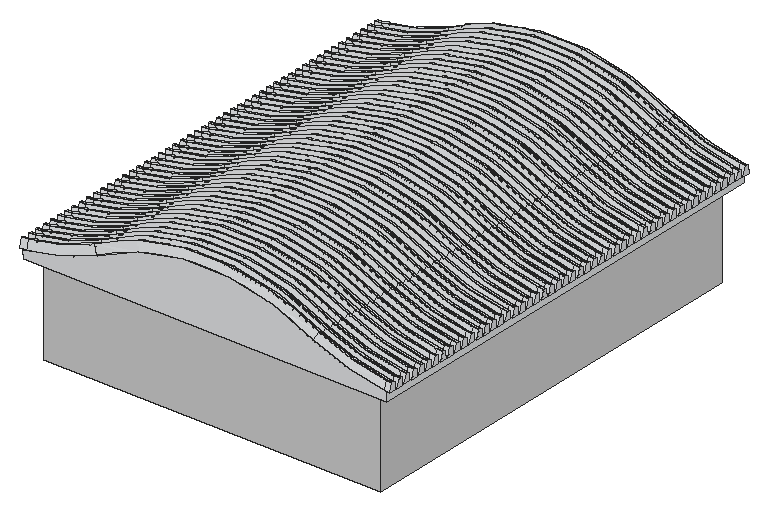
Revit family "Wall_Heaters-QMark-SSARWH_Smart_Series", category Mechanical Equipment, host Face, Revit 2016
Family settings
  Host = Face
  Part Type = Normal
  Round Connector Dimension = Use Diameter
  OmniClass Number = 23.75.70.17.34
  OmniClass Title = Unit Heaters
  Cut with Voids When Loaded = No
  Shared = No
  Room Calculation Point = No
Parameters (values of type "SSARWH4808")
  Width = 1' - 2.416"
  Watts = 1800 W
  Voltage = 208 V
  URL = "http://www.marleymep.com/en/berko/"
  Total Heating Capacity = 0.0 Btu/h
  Surface Mount [instance] = no
  RM [instance] = 1 = 0  # no
  Product Page URL = "https://www.marleymep.com/products/berko/artisan-smartseries-architectural-digital-wall-heater"
  Product Name = "SSAR Smart Series - Wall Heaters"  # constant formula
  Product Documentation Link = "https://www.marleymep.com/system/files/node/file/field-file//zss-bssar.pdf"
  Power Factor = 0
  Phase = 1
  Number of Poles = 1
  Model = "SSARWH4808"
  Material = ""
  Manufacturer = "Marley Engineered Products"  # constant formula
  Height = 1' - 6 1/4"  # constant formula
  Frequency = 60 Hz
  Recessed Dimension [instance] = if(Surface Mount, 0' 0 1/8", if(RM, 0' 3 3/4", if(Semi Recessed Mount 2, 0' 1 13/16", if(Semi Recessed Mount 1, 0' 2 13/16", 0' 0 1/8"))))  # 0' - 2 13/16"
  Description = "Wall Heaters"  # constant formula
  Default Elevation = 4' - 0"
  Clearance On [instance] = yes
  Casing = Metal - Berko - Aluminum Finish
  Semi Recessed Mount 2 [instance] = no
  Semi Recessed Mount 1 [instance] = yes
  Apparent Load = 0 VA
  Amps = 8.7 A
Reference planes (in)
  plane 1 "Center (Front/Back)": y = 0
  plane 2: z = 0
  plane 3 "Center (Left/Right)": x = 0
  plane 4 "Left": x = -7.208
  plane 5 "Right": x = 7.208
  plane 6 "Top": y = 9.125
  plane 7 "Bottom": y = -9.125
  plane 8: z = -2.8125
  plane 9: z = -2.8125
  plane 10: z = 1.0625
Forms (in)
  Extrusion 1, solid, material "Metal - Berko - Aluminum Finish"
    sketch origin (0, 0, 0) x (1, 0, 0) y (0, 1, 0)
      loop
        line (-7.208, 9.125) -> (-7.208, -9.125) -> (7.208, -9.125) -> (7.208, 9.125) -> (-7.208, 9.125)
    from -2.8125 to 1.0625
  Extrusion 2, void
    sketch origin (0, 0, 0) x (1, 0, 0) y (0, 0, 1)
      loop
        line (7.208, 0) -> (-7.208, 0) -> (-7.208, -2.8125) -> (7.208, -2.8125) -> (7.208, 0)
    from -9.125 to 9.125
Lines and regions (in)
  Masking region 1
    outline origin (0, 0, 0) x (1, 0, 0) y (0, 0, 1)
      loop
        line (7.208, 1.0625) -> (-7.208, 1.0625) -> (-7.208, -2.8125) -> (7.208, -2.8125) -> (7.208, 1.0625)
  Masking region 2
    outline origin (0, 0, 0) x (1, 0, 0) y (0, 0, 1)
      loop
        arc (4.83677, 2.63518) -> (0.042, 3.85757) -> (-4.75277, 2.63518) r 10.01479
        arc (-4.75277, 2.63518) -> (-6.16366, 2.11352) -> (-7.6366, 1.80826) r 10.05157
        line (-7.6366, 1.80826) -> (-7.88877, 1.79504) -> (-7.88877, 1.62959) -> (-7.7439, 1.62959) -> (-7.734, 1.0625) -> (7.818, 1.0625) -> (7.8279, 1.62959) -> (7.97277, 1.62959) -> (7.97277, 1.79504) -> (7.7206, 1.80826)
        arc (7.7206, 1.80826) -> (6.24766, 2.11352) -> (4.83677, 2.63518) r 10.05157
  symbolic lines, style "MechanicalEquipmentHiddenLines", visible <- "Clearance On"
    curve 1: line (-15.208, 9.5625, 0) -> (15.208, 9.5625, 0)
    curve 2: line (-15.208, -17.125, 0) -> (-15.208, 9.5625, 0)
    curve 3: line (15.208, -17.125, 0) -> (-15.208, -17.125, 0)
    curve 4: line (15.208, 9.5625, 0) -> (15.208, -17.125, 0)
  model lines, style "GenericModel"
    curve 5: line (2.47795, 9.5625, 2.821) -> (-2.6488, 9.5625, 2.821)
    curve 6: line (2.47795, 9.5625, 1.571) -> (2.47795, 9.5625, 2.821)
    curve 7: line (-2.6488, 9.5625, 1.571) -> (2.47795, 9.5625, 1.571)
    curve 8: line (-2.6488, 9.5625, 2.821) -> (-2.6488, 9.5625, 1.571)
Dimensions and locks (in)
  equal spacing: plane 4 "Left", plane 3 "Center (Left/Right)", plane 5 "Right"
  "Width": plane 4 "Left" to plane 5 "Right"
  equal spacing: plane 6 "Top", plane 1 "Center (Front/Back)", plane 7 "Bottom"
  "Height": plane 6 "Top" to plane 7 "Bottom"
  locked: plane 9 to plane 10 at 3.875
  "Recessed Dimension": plane 9 to plane 2
  locked: curve 2 to plane 4 "Left" at 8
  locked: plane 5 "Right" to curve 4 at 8
  locked: curve 1 to plane 6 "Top" at 0.4375
  locked: plane 7 "Bottom" to curve 3 at 8
  aligned and locked: plane 2 to host face
  aligned and locked: level to host face
  aligned and locked: Extrusion 1 sketch curve to plane 5 "Right"
  aligned and locked: plane 4 "Left" to Extrusion 1 sketch curve
  aligned and locked: Extrusion 1 sketch curve to plane 6 "Top"
  aligned and locked: plane 7 "Bottom" to Extrusion 1 sketch curve
  aligned and locked: plane 9 to plane 8
  aligned and locked: plane 10 to Extrusion 1
  aligned and locked: Extrusion 1 to plane 9
  aligned and locked: Extrusion 2 sketch curve to plane 2
  aligned and locked: plane 4 "Left" to Extrusion 2 sketch curve
  aligned and locked: Extrusion 2 sketch curve to plane 5 "Right"
  aligned and locked: plane 9 to Extrusion 2 sketch curve
  aligned and locked: Extrusion 2 to plane 7 "Bottom"
  aligned and locked: plane 6 "Top" to Extrusion 2
  aligned and locked: plane 4 "Left" to Masking region 1 sketch curve
  aligned and locked: Masking region 1 sketch curve to plane 5 "Right"
  aligned and locked: Masking region 1 sketch curve to plane 10
  aligned and locked: plane 9 to Masking region 1 sketch curve
  aligned and locked: nested 1 to plane 10
Automatic sketch dimensions
  host sketch curve to host sketch curve = 8' - 0"  (x2)
  Masking region 2 sketch curve to plane 10 = 0' - 0"
  Masking region 2 sketch curve to plane 4 "Left" = 0' - 1.72624"
  Masking region 2 sketch curve to Masking region 2 sketch curve = 0' - 0.14487"  (x2)
  Masking region 2 sketch curve to Masking region 2 sketch curve = 0' - 0.1073"  (x2)
  plane 3 "Center (Left/Right)" to Masking region 2 sketch curve = 0' - 0.042"
  plane 5 "Right" to Masking region 2 sketch curve = 0' - 0.5126"
  plane 5 "Right" to Masking region 2 sketch curve = 0' - 1.81024"
  Masking region 2 sketch curve to plane 8 = 0' - 3.34471"
  plane 10 to Masking region 2 sketch curve = 0' - 0.56709"  (x2)
  Masking region 2 sketch curve to Masking region 2 sketch curve = 0' - 0.16545"  (x2)
  Masking region 2 sketch curve to Masking region 2 sketch curve = 0' - 0.17867"  (x2)
  plane 10 to Masking region 2 sketch curve = 0' - 1.57268"
  Masking region 2 sketch curve to plane 4 "Left" = 0' - 0.68077"
  Masking region 2 sketch curve to plane 4 "Left" = 0' - 0.526"
  Masking region 2 sketch curve to Masking region 2 sketch curve = 0' - 0.0099"
  Masking region 2 sketch curve to Masking region 2 sketch curve = 0' - 9.98067"  (x2)
  curve 6 to nested 1 = 0' - 10.21927"
  curve 6 to nested 1 = 0' - 0.5085"
  curve 7 to nested 1 = 0' - 5.0933"
  curve 6 to curve 7 = 0' - 0.08947"
  curve 6 to nested 1 = 0' - 10.24109"
Nested families (in)
  nested 1: "Front Panel SSARWH" at (0.042, -9.5625, 1.0625), type "Front Panel SSARWH"
Connectors (in)
  electrical at (0, 0, -2.8125), driven by "Number of Poles", driven by "Voltage", driven by "Apparent Load", driven by "Power Factor"
    settings: on Extrusion 1, index 1, voltage 208 V, apparent load 0 VA, apparent load phase1 0 VA, apparent load phase2 0 VA, apparent load phase3 0 VA, power factor 0, load classification "HVAC", number of poles 1, system type 31, power factor state 1, is connector primary yes, connector utility no, sub classification motor no, connector description "Power Connection"
Definition of nested family "Front Panel SSARWH"
  Parameters (values of type "Front Panel SSARWH")
    Width = 1' - 3 3/4"  # constant formula
    Knob = none
    Height = 1' - 7 1/8"  # constant formula
    Face Plate = none
  Reference planes (in)
    plane 1 "Center (Front/Back)": y = 0
    plane 2: z = 0
    plane 3 "Center (Left/Right)": x = 0
    plane 4: y = 19.125
  Forms (in)
    Extrusion 1, solid, material <- "Face Plate"
      sketch origin (0, 0, 0) x (1, 0, 0) y (0, 0, 1)
        loop
          line (-7.776, 0) -> (7.776, 0) -> (7.78232, 0.36227)
          arc (7.78232, 0.36227) -> (6.17119, 0.67832) -> (4.62971, 1.24352) r 10.41957
          arc (4.62971, 1.24352) -> (0, 2.42708) -> (-4.62971, 1.24352) r 9.64679
          arc (-4.62971, 1.24352) -> (-6.17119, 0.67832) -> (-7.78232, 0.36227) r 10.41957
          line (-7.78232, 0.36227) -> (-7.776, 0)
      from -19.125 to 0
    Sweep 2, solid, material <- "Face Plate"
      path origin (0, -18.14736, 0) x (1, 0, 0) y (0, 0, 1)
        loop
          line (7.93077, 0.73254) -> (7.6786, 0.74576)
          arc (7.6786, 0.74576) -> (6.20566, 1.05102) -> (4.79477, 1.57268) r 10.05157
          arc (4.79477, 1.57268) -> (0, 2.79507) -> (-4.79477, 1.57268) r 10.01479
          arc (-4.79477, 1.57268) -> (-6.20566, 1.05102) -> (-7.6786, 0.74576) r 10.05157
          line (-7.6786, 0.74576) -> (-7.93077, 0.73254)
      profile origin (0, -18.14736, 2.79507) x (0, 0, -1) y (0, -1, 0)
        loop
          line (0.03163, -18.39926) -> (0.368, -18.42278) -> (0.368, -18.15448) -> (0.00072, -18.25289) -> (0.00072, -18.28391) -> (0.03163, -18.39926)
    Sweep 3, solid, material <- "Face Plate"
      path origin (0, -17.76124, 0) x (1, 0, 0) y (0, 0, 1)
        loop
          line (7.93077, 0.73254) -> (7.6786, 0.74576)
          arc (7.6786, 0.74576) -> (6.20566, 1.05102) -> (4.79477, 1.57268) r 10.05157
          arc (4.79477, 1.57268) -> (0, 2.79507) -> (-4.79477, 1.57268) r 10.01479
          arc (-4.79477, 1.57268) -> (-6.20566, 1.05102) -> (-7.6786, 0.74576) r 10.05157
          line (-7.6786, 0.74576) -> (-7.93077, 0.73254)
      profile origin (0, -17.76124, 2.79507) x (0, 0, -1) y (0, -1, 0)
        loop
          line (0.03163, -18.39926) -> (0.368, -18.42278) -> (0.368, -18.15448) -> (0.00072, -18.25289) -> (0.00072, -18.28391) -> (0.03163, -18.39926)
    Sweep 4, solid, material <- "Face Plate"
      path origin (0, -17.37513, 0) x (1, 0, 0) y (0, 0, 1)
        loop
          line (7.93077, 0.73254) -> (7.6786, 0.74576)
          arc (7.6786, 0.74576) -> (6.20566, 1.05102) -> (4.79477, 1.57268) r 10.05157
          arc (4.79477, 1.57268) -> (0, 2.79507) -> (-4.79477, 1.57268) r 10.01479
          arc (-4.79477, 1.57268) -> (-6.20566, 1.05102) -> (-7.6786, 0.74576) r 10.05157
          line (-7.6786, 0.74576) -> (-7.93077, 0.73254)
      profile origin (0, -17.37513, 2.79507) x (0, 0, -1) y (0, -1, 0)
        loop
          line (0.03163, -18.39926) -> (0.368, -18.42278) -> (0.368, -18.15448) -> (0.00072, -18.25289) -> (0.00072, -18.28391) -> (0.03163, -18.39926)
    Sweep 5, solid, material <- "Face Plate"
      path origin (0, -16.98901, 0) x (1, 0, 0) y (0, 0, 1)
        loop
          line (7.93077, 0.73254) -> (7.6786, 0.74576)
          arc (7.6786, 0.74576) -> (6.20566, 1.05102) -> (4.79477, 1.57268) r 10.05157
          arc (4.79477, 1.57268) -> (0, 2.79507) -> (-4.79477, 1.57268) r 10.01479
          arc (-4.79477, 1.57268) -> (-6.20566, 1.05102) -> (-7.6786, 0.74576) r 10.05157
          line (-7.6786, 0.74576) -> (-7.93077, 0.73254)
      profile origin (0, -16.98901, 2.79507) x (0, 0, -1) y (0, -1, 0)
        loop
          line (0.03163, -18.39926) -> (0.368, -18.42278) -> (0.368, -18.15448) -> (0.00072, -18.25289) -> (0.00072, -18.28391) -> (0.03163, -18.39926)
    Sweep 6, solid, material <- "Face Plate"
      path origin (0, -16.6029, 0) x (1, 0, 0) y (0, 0, 1)
        loop
          line (7.93077, 0.73254) -> (7.6786, 0.74576)
          arc (7.6786, 0.74576) -> (6.20566, 1.05102) -> (4.79477, 1.57268) r 10.05157
          arc (4.79477, 1.57268) -> (0, 2.79507) -> (-4.79477, 1.57268) r 10.01479
          arc (-4.79477, 1.57268) -> (-6.20566, 1.05102) -> (-7.6786, 0.74576) r 10.05157
          line (-7.6786, 0.74576) -> (-7.93077, 0.73254)
      profile origin (0, -16.6029, 2.79507) x (0, 0, -1) y (0, -1, 0)
        loop
          line (0.03163, -18.39926) -> (0.368, -18.42278) -> (0.368, -18.15448) -> (0.00072, -18.25289) -> (0.00072, -18.28391) -> (0.03163, -18.39926)
    Sweep 7, solid, material <- "Face Plate"
      path origin (0, -16.21679, 0) x (1, 0, 0) y (0, 0, 1)
        loop
          line (7.93077, 0.73254) -> (7.6786, 0.74576)
          arc (7.6786, 0.74576) -> (6.20566, 1.05102) -> (4.79477, 1.57268) r 10.05157
          arc (4.79477, 1.57268) -> (0, 2.79507) -> (-4.79477, 1.57268) r 10.01479
          arc (-4.79477, 1.57268) -> (-6.20566, 1.05102) -> (-7.6786, 0.74576) r 10.05157
          line (-7.6786, 0.74576) -> (-7.93077, 0.73254)
      profile origin (0, -16.21679, 2.79507) x (0, 0, -1) y (0, -1, 0)
        loop
          line (0.03163, -18.39926) -> (0.368, -18.42278) -> (0.368, -18.15448) -> (0.00072, -18.25289) -> (0.00072, -18.28391) -> (0.03163, -18.39926)
    Sweep 8, solid, material <- "Face Plate"
      path origin (0, -15.83067, 0) x (1, 0, 0) y (0, 0, 1)
        loop
          line (7.93077, 0.73254) -> (7.6786, 0.74576)
          arc (7.6786, 0.74576) -> (6.20566, 1.05102) -> (4.79477, 1.57268) r 10.05157
          arc (4.79477, 1.57268) -> (0, 2.79507) -> (-4.79477, 1.57268) r 10.01479
          arc (-4.79477, 1.57268) -> (-6.20566, 1.05102) -> (-7.6786, 0.74576) r 10.05157
          line (-7.6786, 0.74576) -> (-7.93077, 0.73254)
      profile origin (0, -15.83067, 2.79507) x (0, 0, -1) y (0, -1, 0)
        loop
          line (0.03163, -18.39926) -> (0.368, -18.42278) -> (0.368, -18.15448) -> (0.00072, -18.25289) -> (0.00072, -18.28391) -> (0.03163, -18.39926)
    Sweep 9, solid, material <- "Face Plate"
      path origin (0, -15.44456, 0) x (1, 0, 0) y (0, 0, 1)
        loop
          line (7.93077, 0.73254) -> (7.6786, 0.74576)
          arc (7.6786, 0.74576) -> (6.20566, 1.05102) -> (4.79477, 1.57268) r 10.05157
          arc (4.79477, 1.57268) -> (0, 2.79507) -> (-4.79477, 1.57268) r 10.01479
          arc (-4.79477, 1.57268) -> (-6.20566, 1.05102) -> (-7.6786, 0.74576) r 10.05157
          line (-7.6786, 0.74576) -> (-7.93077, 0.73254)
      profile origin (0, -15.44456, 2.79507) x (0, 0, -1) y (0, -1, 0)
        loop
          line (0.03163, -18.39926) -> (0.368, -18.42278) -> (0.368, -18.15448) -> (0.00072, -18.25289) -> (0.00072, -18.28391) -> (0.03163, -18.39926)
    Sweep 10, solid, material <- "Face Plate"
      path origin (0, -15.05844, 0) x (1, 0, 0) y (0, 0, 1)
        loop
          line (7.93077, 0.73254) -> (7.6786, 0.74576)
          arc (7.6786, 0.74576) -> (6.20566, 1.05102) -> (4.79477, 1.57268) r 10.05157
          arc (4.79477, 1.57268) -> (0, 2.79507) -> (-4.79477, 1.57268) r 10.01479
          arc (-4.79477, 1.57268) -> (-6.20566, 1.05102) -> (-7.6786, 0.74576) r 10.05157
          line (-7.6786, 0.74576) -> (-7.93077, 0.73254)
      profile origin (0, -15.05844, 2.79507) x (0, 0, -1) y (0, -1, 0)
        loop
          line (0.03163, -18.39926) -> (0.368, -18.42278) -> (0.368, -18.15448) -> (0.00072, -18.25289) -> (0.00072, -18.28391) -> (0.03163, -18.39926)
    Sweep 11, solid, material <- "Face Plate"
      path origin (0, -14.67233, 0) x (1, 0, 0) y (0, 0, 1)
        loop
          line (7.93077, 0.73254) -> (7.6786, 0.74576)
          arc (7.6786, 0.74576) -> (6.20566, 1.05102) -> (4.79477, 1.57268) r 10.05157
          arc (4.79477, 1.57268) -> (0, 2.79507) -> (-4.79477, 1.57268) r 10.01479
          arc (-4.79477, 1.57268) -> (-6.20566, 1.05102) -> (-7.6786, 0.74576) r 10.05157
          line (-7.6786, 0.74576) -> (-7.93077, 0.73254)
      profile origin (0, -14.67233, 2.79507) x (0, 0, -1) y (0, -1, 0)
        loop
          line (0.03163, -18.39926) -> (0.368, -18.42278) -> (0.368, -18.15448) -> (0.00072, -18.25289) -> (0.00072, -18.28391) -> (0.03163, -18.39926)
    Sweep 12, solid, material <- "Face Plate"
      path origin (0, -14.28622, 0) x (1, 0, 0) y (0, 0, 1)
        loop
          line (7.93077, 0.73254) -> (7.6786, 0.74576)
          arc (7.6786, 0.74576) -> (6.20566, 1.05102) -> (4.79477, 1.57268) r 10.05157
          arc (4.79477, 1.57268) -> (0, 2.79507) -> (-4.79477, 1.57268) r 10.01479
          arc (-4.79477, 1.57268) -> (-6.20566, 1.05102) -> (-7.6786, 0.74576) r 10.05157
          line (-7.6786, 0.74576) -> (-7.93077, 0.73254)
      profile origin (0, -14.28622, 2.79507) x (0, 0, -1) y (0, -1, 0)
        loop
          line (0.03163, -18.39926) -> (0.368, -18.42278) -> (0.368, -18.15448) -> (0.00072, -18.25289) -> (0.00072, -18.28391) -> (0.03163, -18.39926)
    Sweep 13, solid, material <- "Face Plate"
      path origin (0, -13.9001, 0) x (1, 0, 0) y (0, 0, 1)
        loop
          line (7.93077, 0.73254) -> (7.6786, 0.74576)
          arc (7.6786, 0.74576) -> (6.20566, 1.05102) -> (4.79477, 1.57268) r 10.05157
          arc (4.79477, 1.57268) -> (0, 2.79507) -> (-4.79477, 1.57268) r 10.01479
          arc (-4.79477, 1.57268) -> (-6.20566, 1.05102) -> (-7.6786, 0.74576) r 10.05157
          line (-7.6786, 0.74576) -> (-7.93077, 0.73254)
      profile origin (0, -13.9001, 2.79507) x (0, 0, -1) y (0, -1, 0)
        loop
          line (0.03163, -18.39926) -> (0.368, -18.42278) -> (0.368, -18.15448) -> (0.00072, -18.25289) -> (0.00072, -18.28391) -> (0.03163, -18.39926)
    Sweep 14, solid, material <- "Face Plate"
      path origin (0, -13.51399, 0) x (1, 0, 0) y (0, 0, 1)
        loop
          line (7.93077, 0.73254) -> (7.6786, 0.74576)
          arc (7.6786, 0.74576) -> (6.20566, 1.05102) -> (4.79477, 1.57268) r 10.05157
          arc (4.79477, 1.57268) -> (0, 2.79507) -> (-4.79477, 1.57268) r 10.01479
          arc (-4.79477, 1.57268) -> (-6.20566, 1.05102) -> (-7.6786, 0.74576) r 10.05157
          line (-7.6786, 0.74576) -> (-7.93077, 0.73254)
      profile origin (0, -13.51399, 2.79507) x (0, 0, -1) y (0, -1, 0)
        loop
          line (0.03163, -18.39926) -> (0.368, -18.42278) -> (0.368, -18.15448) -> (0.00072, -18.25289) -> (0.00072, -18.28391) -> (0.03163, -18.39926)
    Sweep 15, solid, material <- "Face Plate"
      path origin (0, -13.12787, 0) x (1, 0, 0) y (0, 0, 1)
        loop
          line (7.93077, 0.73254) -> (7.6786, 0.74576)
          arc (7.6786, 0.74576) -> (6.20566, 1.05102) -> (4.79477, 1.57268) r 10.05157
          arc (4.79477, 1.57268) -> (0, 2.79507) -> (-4.79477, 1.57268) r 10.01479
          arc (-4.79477, 1.57268) -> (-6.20566, 1.05102) -> (-7.6786, 0.74576) r 10.05157
          line (-7.6786, 0.74576) -> (-7.93077, 0.73254)
      profile origin (0, -13.12787, 2.79507) x (0, 0, -1) y (0, -1, 0)
        loop
          line (0.03163, -18.39926) -> (0.368, -18.42278) -> (0.368, -18.15448) -> (0.00072, -18.25289) -> (0.00072, -18.28391) -> (0.03163, -18.39926)
    Sweep 16, solid, material <- "Face Plate"
      path origin (0, -12.74176, 0) x (1, 0, 0) y (0, 0, 1)
        loop
          line (7.93077, 0.73254) -> (7.6786, 0.74576)
          arc (7.6786, 0.74576) -> (6.20566, 1.05102) -> (4.79477, 1.57268) r 10.05157
          arc (4.79477, 1.57268) -> (0, 2.79507) -> (-4.79477, 1.57268) r 10.01479
          arc (-4.79477, 1.57268) -> (-6.20566, 1.05102) -> (-7.6786, 0.74576) r 10.05157
          line (-7.6786, 0.74576) -> (-7.93077, 0.73254)
      profile origin (0, -12.74176, 2.79507) x (0, 0, -1) y (0, -1, 0)
        loop
          line (0.03163, -18.39926) -> (0.368, -18.42278) -> (0.368, -18.15448) -> (0.00072, -18.25289) -> (0.00072, -18.28391) -> (0.03163, -18.39926)
    Sweep 17, solid, material <- "Face Plate"
      path origin (0, -12.35565, 0) x (1, 0, 0) y (0, 0, 1)
        loop
          line (7.93077, 0.73254) -> (7.6786, 0.74576)
          arc (7.6786, 0.74576) -> (6.20566, 1.05102) -> (4.79477, 1.57268) r 10.05157
          arc (4.79477, 1.57268) -> (0, 2.79507) -> (-4.79477, 1.57268) r 10.01479
          arc (-4.79477, 1.57268) -> (-6.20566, 1.05102) -> (-7.6786, 0.74576) r 10.05157
          line (-7.6786, 0.74576) -> (-7.93077, 0.73254)
      profile origin (0, -12.35565, 2.79507) x (0, 0, -1) y (0, -1, 0)
        loop
          line (0.03163, -18.39926) -> (0.368, -18.42278) -> (0.368, -18.15448) -> (0.00072, -18.25289) -> (0.00072, -18.28391) -> (0.03163, -18.39926)
    Sweep 18, solid, material <- "Face Plate"
      path origin (0, -11.96953, 0) x (1, 0, 0) y (0, 0, 1)
        loop
          line (7.93077, 0.73254) -> (7.6786, 0.74576)
          arc (7.6786, 0.74576) -> (6.20566, 1.05102) -> (4.79477, 1.57268) r 10.05157
          arc (4.79477, 1.57268) -> (0, 2.79507) -> (-4.79477, 1.57268) r 10.01479
          arc (-4.79477, 1.57268) -> (-6.20566, 1.05102) -> (-7.6786, 0.74576) r 10.05157
          line (-7.6786, 0.74576) -> (-7.93077, 0.73254)
      profile origin (0, -11.96953, 2.79507) x (0, 0, -1) y (0, -1, 0)
        loop
          line (0.03163, -18.39926) -> (0.368, -18.42278) -> (0.368, -18.15448) -> (0.00072, -18.25289) -> (0.00072, -18.28391) -> (0.03163, -18.39926)
    Sweep 19, solid, material <- "Face Plate"
      path origin (0, -11.58342, 0) x (1, 0, 0) y (0, 0, 1)
        loop
          line (7.93077, 0.73254) -> (7.6786, 0.74576)
          arc (7.6786, 0.74576) -> (6.20566, 1.05102) -> (4.79477, 1.57268) r 10.05157
          arc (4.79477, 1.57268) -> (0, 2.79507) -> (-4.79477, 1.57268) r 10.01479
          arc (-4.79477, 1.57268) -> (-6.20566, 1.05102) -> (-7.6786, 0.74576) r 10.05157
          line (-7.6786, 0.74576) -> (-7.93077, 0.73254)
      profile origin (0, -11.58342, 2.79507) x (0, 0, -1) y (0, -1, 0)
        loop
          line (0.03163, -18.39926) -> (0.368, -18.42278) -> (0.368, -18.15448) -> (0.00072, -18.25289) -> (0.00072, -18.28391) -> (0.03163, -18.39926)
    Sweep 20, solid, material <- "Face Plate"
      path origin (0, -11.1973, 0) x (1, 0, 0) y (0, 0, 1)
        loop
          line (7.93077, 0.73254) -> (7.6786, 0.74576)
          arc (7.6786, 0.74576) -> (6.20566, 1.05102) -> (4.79477, 1.57268) r 10.05157
          arc (4.79477, 1.57268) -> (0, 2.79507) -> (-4.79477, 1.57268) r 10.01479
          arc (-4.79477, 1.57268) -> (-6.20566, 1.05102) -> (-7.6786, 0.74576) r 10.05157
          line (-7.6786, 0.74576) -> (-7.93077, 0.73254)
      profile origin (0, -11.1973, 2.79507) x (0, 0, -1) y (0, -1, 0)
        loop
          line (0.03163, -18.39926) -> (0.368, -18.42278) -> (0.368, -18.15448) -> (0.00072, -18.25289) -> (0.00072, -18.28391) -> (0.03163, -18.39926)
    Sweep 21, solid, material <- "Face Plate"
      path origin (0, -10.81119, 0) x (1, 0, 0) y (0, 0, 1)
        loop
          line (7.93077, 0.73254) -> (7.6786, 0.74576)
          arc (7.6786, 0.74576) -> (6.20566, 1.05102) -> (4.79477, 1.57268) r 10.05157
          arc (4.79477, 1.57268) -> (0, 2.79507) -> (-4.79477, 1.57268) r 10.01479
          arc (-4.79477, 1.57268) -> (-6.20566, 1.05102) -> (-7.6786, 0.74576) r 10.05157
          line (-7.6786, 0.74576) -> (-7.93077, 0.73254)
      profile origin (0, -10.81119, 2.79507) x (0, 0, -1) y (0, -1, 0)
        loop
          line (0.03163, -18.39926) -> (0.368, -18.42278) -> (0.368, -18.15448) -> (0.00072, -18.25289) -> (0.00072, -18.28391) -> (0.03163, -18.39926)
    Sweep 22, solid, material <- "Face Plate"
      path origin (0, -10.42508, 0) x (1, 0, 0) y (0, 0, 1)
        loop
          line (7.93077, 0.73254) -> (7.6786, 0.74576)
          arc (7.6786, 0.74576) -> (6.20566, 1.05102) -> (4.79477, 1.57268) r 10.05157
          arc (4.79477, 1.57268) -> (0, 2.79507) -> (-4.79477, 1.57268) r 10.01479
          arc (-4.79477, 1.57268) -> (-6.20566, 1.05102) -> (-7.6786, 0.74576) r 10.05157
          line (-7.6786, 0.74576) -> (-7.93077, 0.73254)
      profile origin (0, -10.42508, 2.79507) x (0, 0, -1) y (0, -1, 0)
        loop
          line (0.03163, -18.39926) -> (0.368, -18.42278) -> (0.368, -18.15448) -> (0.00072, -18.25289) -> (0.00072, -18.28391) -> (0.03163, -18.39926)
    Sweep 23, solid, material <- "Face Plate"
      path origin (0, -10.03896, 0) x (1, 0, 0) y (0, 0, 1)
        loop
          line (7.93077, 0.73254) -> (7.6786, 0.74576)
          arc (7.6786, 0.74576) -> (6.20566, 1.05102) -> (4.79477, 1.57268) r 10.05157
          arc (4.79477, 1.57268) -> (0, 2.79507) -> (-4.79477, 1.57268) r 10.01479
          arc (-4.79477, 1.57268) -> (-6.20566, 1.05102) -> (-7.6786, 0.74576) r 10.05157
          line (-7.6786, 0.74576) -> (-7.93077, 0.73254)
      profile origin (0, -10.03896, 2.79507) x (0, 0, -1) y (0, -1, 0)
        loop
          line (0.03163, -18.39926) -> (0.368, -18.42278) -> (0.368, -18.15448) -> (0.00072, -18.25289) -> (0.00072, -18.28391) -> (0.03163, -18.39926)
    Sweep 24, solid, material <- "Face Plate"
      path origin (0, -9.65285, 0) x (1, 0, 0) y (0, 0, 1)
        loop
          line (7.93077, 0.73254) -> (7.6786, 0.74576)
          arc (7.6786, 0.74576) -> (6.20566, 1.05102) -> (4.79477, 1.57268) r 10.05157
          arc (4.79477, 1.57268) -> (0, 2.79507) -> (-4.79477, 1.57268) r 10.01479
          arc (-4.79477, 1.57268) -> (-6.20566, 1.05102) -> (-7.6786, 0.74576) r 10.05157
          line (-7.6786, 0.74576) -> (-7.93077, 0.73254)
      profile origin (0, -9.65285, 2.79507) x (0, 0, -1) y (0, -1, 0)
        loop
          line (0.03163, -18.39926) -> (0.368, -18.42278) -> (0.368, -18.15448) -> (0.00072, -18.25289) -> (0.00072, -18.28391) -> (0.03163, -18.39926)
    Sweep 25, solid, material <- "Face Plate"
      path origin (0, -9.26673, 0) x (1, 0, 0) y (0, 0, 1)
        loop
          line (7.93077, 0.73254) -> (7.6786, 0.74576)
          arc (7.6786, 0.74576) -> (6.20566, 1.05102) -> (4.79477, 1.57268) r 10.05157
          arc (4.79477, 1.57268) -> (0, 2.79507) -> (-4.79477, 1.57268) r 10.01479
          arc (-4.79477, 1.57268) -> (-6.20566, 1.05102) -> (-7.6786, 0.74576) r 10.05157
          line (-7.6786, 0.74576) -> (-7.93077, 0.73254)
      profile origin (0, -9.26673, 2.79507) x (0, 0, -1) y (0, -1, 0)
        loop
          line (0.03163, -18.39926) -> (0.368, -18.42278) -> (0.368, -18.15448) -> (0.00072, -18.25289) -> (0.00072, -18.28391) -> (0.03163, -18.39926)
    Sweep 26, solid, material <- "Face Plate"
      path origin (0, -8.88062, 0) x (1, 0, 0) y (0, 0, 1)
        loop
          line (7.93077, 0.73254) -> (7.6786, 0.74576)
          arc (7.6786, 0.74576) -> (6.20566, 1.05102) -> (4.79477, 1.57268) r 10.05157
          arc (4.79477, 1.57268) -> (0, 2.79507) -> (-4.79477, 1.57268) r 10.01479
          arc (-4.79477, 1.57268) -> (-6.20566, 1.05102) -> (-7.6786, 0.74576) r 10.05157
          line (-7.6786, 0.74576) -> (-7.93077, 0.73254)
      profile origin (0, -8.88062, 2.79507) x (0, 0, -1) y (0, -1, 0)
        loop
          line (0.03163, -18.39926) -> (0.368, -18.42278) -> (0.368, -18.15448) -> (0.00072, -18.25289) -> (0.00072, -18.28391) -> (0.03163, -18.39926)
    Sweep 27, solid, material <- "Face Plate"
      path origin (0, -8.49451, 0) x (1, 0, 0) y (0, 0, 1)
        loop
          line (7.93077, 0.73254) -> (7.6786, 0.74576)
          arc (7.6786, 0.74576) -> (6.20566, 1.05102) -> (4.79477, 1.57268) r 10.05157
          arc (4.79477, 1.57268) -> (0, 2.79507) -> (-4.79477, 1.57268) r 10.01479
          arc (-4.79477, 1.57268) -> (-6.20566, 1.05102) -> (-7.6786, 0.74576) r 10.05157
          line (-7.6786, 0.74576) -> (-7.93077, 0.73254)
      profile origin (0, -8.49451, 2.79507) x (0, 0, -1) y (0, -1, 0)
        loop
          line (0.03163, -18.39926) -> (0.368, -18.42278) -> (0.368, -18.15448) -> (0.00072, -18.25289) -> (0.00072, -18.28391) -> (0.03163, -18.39926)
    Sweep 28, solid, material <- "Face Plate"
      path origin (0, -8.10839, 0) x (1, 0, 0) y (0, 0, 1)
        loop
          line (7.93077, 0.73254) -> (7.6786, 0.74576)
          arc (7.6786, 0.74576) -> (6.20566, 1.05102) -> (4.79477, 1.57268) r 10.05157
          arc (4.79477, 1.57268) -> (0, 2.79507) -> (-4.79477, 1.57268) r 10.01479
          arc (-4.79477, 1.57268) -> (-6.20566, 1.05102) -> (-7.6786, 0.74576) r 10.05157
          line (-7.6786, 0.74576) -> (-7.93077, 0.73254)
      profile origin (0, -8.10839, 2.79507) x (0, 0, -1) y (0, -1, 0)
        loop
          line (0.03163, -18.39926) -> (0.368, -18.42278) -> (0.368, -18.15448) -> (0.00072, -18.25289) -> (0.00072, -18.28391) -> (0.03163, -18.39926)
    Sweep 29, solid, material <- "Face Plate"
      path origin (0, -7.72228, 0) x (1, 0, 0) y (0, 0, 1)
        loop
          line (7.93077, 0.73254) -> (7.6786, 0.74576)
          arc (7.6786, 0.74576) -> (6.20566, 1.05102) -> (4.79477, 1.57268) r 10.05157
          arc (4.79477, 1.57268) -> (0, 2.79507) -> (-4.79477, 1.57268) r 10.01479
          arc (-4.79477, 1.57268) -> (-6.20566, 1.05102) -> (-7.6786, 0.74576) r 10.05157
          line (-7.6786, 0.74576) -> (-7.93077, 0.73254)
      profile origin (0, -7.72228, 2.79507) x (0, 0, -1) y (0, -1, 0)
        loop
          line (0.03163, -18.39926) -> (0.368, -18.42278) -> (0.368, -18.15448) -> (0.00072, -18.25289) -> (0.00072, -18.28391) -> (0.03163, -18.39926)
    Sweep 30, solid, material <- "Face Plate"
      path origin (0, -7.33616, 0) x (1, 0, 0) y (0, 0, 1)
        loop
          line (7.93077, 0.73254) -> (7.6786, 0.74576)
          arc (7.6786, 0.74576) -> (6.20566, 1.05102) -> (4.79477, 1.57268) r 10.05157
          arc (4.79477, 1.57268) -> (0, 2.79507) -> (-4.79477, 1.57268) r 10.01479
          arc (-4.79477, 1.57268) -> (-6.20566, 1.05102) -> (-7.6786, 0.74576) r 10.05157
          line (-7.6786, 0.74576) -> (-7.93077, 0.73254)
      profile origin (0, -7.33616, 2.79507) x (0, 0, -1) y (0, -1, 0)
        loop
          line (0.03163, -18.39926) -> (0.368, -18.42278) -> (0.368, -18.15448) -> (0.00072, -18.25289) -> (0.00072, -18.28391) -> (0.03163, -18.39926)
    Sweep 31, solid, material <- "Face Plate"
      path origin (0, -6.95005, 0) x (1, 0, 0) y (0, 0, 1)
        loop
          line (7.93077, 0.73254) -> (7.6786, 0.74576)
          arc (7.6786, 0.74576) -> (6.20566, 1.05102) -> (4.79477, 1.57268) r 10.05157
          arc (4.79477, 1.57268) -> (0, 2.79507) -> (-4.79477, 1.57268) r 10.01479
          arc (-4.79477, 1.57268) -> (-6.20566, 1.05102) -> (-7.6786, 0.74576) r 10.05157
          line (-7.6786, 0.74576) -> (-7.93077, 0.73254)
      profile origin (0, -6.95005, 2.79507) x (0, 0, -1) y (0, -1, 0)
        loop
          line (0.03163, -18.39926) -> (0.368, -18.42278) -> (0.368, -18.15448) -> (0.00072, -18.25289) -> (0.00072, -18.28391) -> (0.03163, -18.39926)
    Sweep 32, solid, material <- "Face Plate"
      path origin (0, -6.56394, 0) x (1, 0, 0) y (0, 0, 1)
        loop
          line (7.93077, 0.73254) -> (7.6786, 0.74576)
          arc (7.6786, 0.74576) -> (6.20566, 1.05102) -> (4.79477, 1.57268) r 10.05157
          arc (4.79477, 1.57268) -> (0, 2.79507) -> (-4.79477, 1.57268) r 10.01479
          arc (-4.79477, 1.57268) -> (-6.20566, 1.05102) -> (-7.6786, 0.74576) r 10.05157
          line (-7.6786, 0.74576) -> (-7.93077, 0.73254)
      profile origin (0, -6.56394, 2.79507) x (0, 0, -1) y (0, -1, 0)
        loop
          line (0.03163, -18.39926) -> (0.368, -18.42278) -> (0.368, -18.15448) -> (0.00072, -18.25289) -> (0.00072, -18.28391) -> (0.03163, -18.39926)
    Sweep 33, solid, material <- "Face Plate"
      path origin (0, -6.17782, 0) x (1, 0, 0) y (0, 0, 1)
        loop
          line (7.93077, 0.73254) -> (7.6786, 0.74576)
          arc (7.6786, 0.74576) -> (6.20566, 1.05102) -> (4.79477, 1.57268) r 10.05157
          arc (4.79477, 1.57268) -> (0, 2.79507) -> (-4.79477, 1.57268) r 10.01479
          arc (-4.79477, 1.57268) -> (-6.20566, 1.05102) -> (-7.6786, 0.74576) r 10.05157
          line (-7.6786, 0.74576) -> (-7.93077, 0.73254)
      profile origin (0, -6.17782, 2.79507) x (0, 0, -1) y (0, -1, 0)
        loop
          line (0.03163, -18.39926) -> (0.368, -18.42278) -> (0.368, -18.15448) -> (0.00072, -18.25289) -> (0.00072, -18.28391) -> (0.03163, -18.39926)
    Sweep 34, solid, material <- "Face Plate"
      path origin (0, -5.79171, 0) x (1, 0, 0) y (0, 0, 1)
        loop
          line (7.93077, 0.73254) -> (7.6786, 0.74576)
          arc (7.6786, 0.74576) -> (6.20566, 1.05102) -> (4.79477, 1.57268) r 10.05157
          arc (4.79477, 1.57268) -> (0, 2.79507) -> (-4.79477, 1.57268) r 10.01479
          arc (-4.79477, 1.57268) -> (-6.20566, 1.05102) -> (-7.6786, 0.74576) r 10.05157
          line (-7.6786, 0.74576) -> (-7.93077, 0.73254)
      profile origin (0, -5.79171, 2.79507) x (0, 0, -1) y (0, -1, 0)
        loop
          line (0.03163, -18.39926) -> (0.368, -18.42278) -> (0.368, -18.15448) -> (0.00072, -18.25289) -> (0.00072, -18.28391) -> (0.03163, -18.39926)
    Sweep 35, solid, material <- "Face Plate"
      path origin (0, -5.4056, 0) x (1, 0, 0) y (0, 0, 1)
        loop
          line (7.93077, 0.73254) -> (7.6786, 0.74576)
          arc (7.6786, 0.74576) -> (6.20566, 1.05102) -> (4.79477, 1.57268) r 10.05157
          arc (4.79477, 1.57268) -> (0, 2.79507) -> (-4.79477, 1.57268) r 10.01479
          arc (-4.79477, 1.57268) -> (-6.20566, 1.05102) -> (-7.6786, 0.74576) r 10.05157
          line (-7.6786, 0.74576) -> (-7.93077, 0.73254)
      profile origin (0, -5.4056, 2.79507) x (0, 0, -1) y (0, -1, 0)
        loop
          line (0.03163, -18.39926) -> (0.368, -18.42278) -> (0.368, -18.15448) -> (0.00072, -18.25289) -> (0.00072, -18.28391) -> (0.03163, -18.39926)
    Sweep 36, solid, material <- "Face Plate"
      path origin (0, -5.01948, 0) x (1, 0, 0) y (0, 0, 1)
        loop
          line (7.93077, 0.73254) -> (7.6786, 0.74576)
          arc (7.6786, 0.74576) -> (6.20566, 1.05102) -> (4.79477, 1.57268) r 10.05157
          arc (4.79477, 1.57268) -> (0, 2.79507) -> (-4.79477, 1.57268) r 10.01479
          arc (-4.79477, 1.57268) -> (-6.20566, 1.05102) -> (-7.6786, 0.74576) r 10.05157
          line (-7.6786, 0.74576) -> (-7.93077, 0.73254)
      profile origin (0, -5.01948, 2.79507) x (0, 0, -1) y (0, -1, 0)
        loop
          line (0.03163, -18.39926) -> (0.368, -18.42278) -> (0.368, -18.15448) -> (0.00072, -18.25289) -> (0.00072, -18.28391) -> (0.03163, -18.39926)
    Sweep 37, solid, material <- "Face Plate"
      path origin (0, -4.63337, 0) x (1, 0, 0) y (0, 0, 1)
        loop
          line (7.93077, 0.73254) -> (7.6786, 0.74576)
          arc (7.6786, 0.74576) -> (6.20566, 1.05102) -> (4.79477, 1.57268) r 10.05157
          arc (4.79477, 1.57268) -> (0, 2.79507) -> (-4.79477, 1.57268) r 10.01479
          arc (-4.79477, 1.57268) -> (-6.20566, 1.05102) -> (-7.6786, 0.74576) r 10.05157
          line (-7.6786, 0.74576) -> (-7.93077, 0.73254)
      profile origin (0, -4.63337, 2.79507) x (0, 0, -1) y (0, -1, 0)
        loop
          line (0.03163, -18.39926) -> (0.368, -18.42278) -> (0.368, -18.15448) -> (0.00072, -18.25289) -> (0.00072, -18.28391) -> (0.03163, -18.39926)
    Sweep 38, solid, material <- "Face Plate"
      path origin (0, -4.24725, 0) x (1, 0, 0) y (0, 0, 1)
        loop
          line (7.93077, 0.73254) -> (7.6786, 0.74576)
          arc (7.6786, 0.74576) -> (6.20566, 1.05102) -> (4.79477, 1.57268) r 10.05157
          arc (4.79477, 1.57268) -> (0, 2.79507) -> (-4.79477, 1.57268) r 10.01479
          arc (-4.79477, 1.57268) -> (-6.20566, 1.05102) -> (-7.6786, 0.74576) r 10.05157
          line (-7.6786, 0.74576) -> (-7.93077, 0.73254)
      profile origin (0, -4.24725, 2.79507) x (0, 0, -1) y (0, -1, 0)
        loop
          line (0.03163, -18.39926) -> (0.368, -18.42278) -> (0.368, -18.15448) -> (0.00072, -18.25289) -> (0.00072, -18.28391) -> (0.03163, -18.39926)
    Sweep 39, solid, material <- "Face Plate"
      path origin (0, -3.86114, 0) x (1, 0, 0) y (0, 0, 1)
        loop
          line (7.93077, 0.73254) -> (7.6786, 0.74576)
          arc (7.6786, 0.74576) -> (6.20566, 1.05102) -> (4.79477, 1.57268) r 10.05157
          arc (4.79477, 1.57268) -> (0, 2.79507) -> (-4.79477, 1.57268) r 10.01479
          arc (-4.79477, 1.57268) -> (-6.20566, 1.05102) -> (-7.6786, 0.74576) r 10.05157
          line (-7.6786, 0.74576) -> (-7.93077, 0.73254)
      profile origin (0, -3.86114, 2.79507) x (0, 0, -1) y (0, -1, 0)
        loop
          line (0.03163, -18.39926) -> (0.368, -18.42278) -> (0.368, -18.15448) -> (0.00072, -18.25289) -> (0.00072, -18.28391) -> (0.03163, -18.39926)
    Sweep 40, solid, material <- "Face Plate"
      path origin (0, -3.47503, 0) x (1, 0, 0) y (0, 0, 1)
        loop
          line (7.93077, 0.73254) -> (7.6786, 0.74576)
          arc (7.6786, 0.74576) -> (6.20566, 1.05102) -> (4.79477, 1.57268) r 10.05157
          arc (4.79477, 1.57268) -> (0, 2.79507) -> (-4.79477, 1.57268) r 10.01479
          arc (-4.79477, 1.57268) -> (-6.20566, 1.05102) -> (-7.6786, 0.74576) r 10.05157
          line (-7.6786, 0.74576) -> (-7.93077, 0.73254)
      profile origin (0, -3.47503, 2.79507) x (0, 0, -1) y (0, -1, 0)
        loop
          line (0.03163, -18.39926) -> (0.368, -18.42278) -> (0.368, -18.15448) -> (0.00072, -18.25289) -> (0.00072, -18.28391) -> (0.03163, -18.39926)
    Sweep 41, solid, material <- "Face Plate"
      path origin (0, -3.08891, 0) x (1, 0, 0) y (0, 0, 1)
        loop
          line (7.93077, 0.73254) -> (7.6786, 0.74576)
          arc (7.6786, 0.74576) -> (6.20566, 1.05102) -> (4.79477, 1.57268) r 10.05157
          arc (4.79477, 1.57268) -> (0, 2.79507) -> (-4.79477, 1.57268) r 10.01479
          arc (-4.79477, 1.57268) -> (-6.20566, 1.05102) -> (-7.6786, 0.74576) r 10.05157
          line (-7.6786, 0.74576) -> (-7.93077, 0.73254)
      profile origin (0, -3.08891, 2.79507) x (0, 0, -1) y (0, -1, 0)
        loop
          line (0.03163, -18.39926) -> (0.368, -18.42278) -> (0.368, -18.15448) -> (0.00072, -18.25289) -> (0.00072, -18.28391) -> (0.03163, -18.39926)
    Sweep 42, solid, material <- "Face Plate"
      path origin (0, -2.7028, 0) x (1, 0, 0) y (0, 0, 1)
        loop
          line (7.93077, 0.73254) -> (7.6786, 0.74576)
          arc (7.6786, 0.74576) -> (6.20566, 1.05102) -> (4.79477, 1.57268) r 10.05157
          arc (4.79477, 1.57268) -> (0, 2.79507) -> (-4.79477, 1.57268) r 10.01479
          arc (-4.79477, 1.57268) -> (-6.20566, 1.05102) -> (-7.6786, 0.74576) r 10.05157
          line (-7.6786, 0.74576) -> (-7.93077, 0.73254)
      profile origin (0, -2.7028, 2.79507) x (0, 0, -1) y (0, -1, 0)
        loop
          line (0.03163, -18.39926) -> (0.368, -18.42278) -> (0.368, -18.15448) -> (0.00072, -18.25289) -> (0.00072, -18.28391) -> (0.03163, -18.39926)
    Sweep 43, solid, material <- "Face Plate"
      path origin (0, -2.31668, 0) x (1, 0, 0) y (0, 0, 1)
        loop
          line (7.93077, 0.73254) -> (7.6786, 0.74576)
          arc (7.6786, 0.74576) -> (6.20566, 1.05102) -> (4.79477, 1.57268) r 10.05157
          arc (4.79477, 1.57268) -> (0, 2.79507) -> (-4.79477, 1.57268) r 10.01479
          arc (-4.79477, 1.57268) -> (-6.20566, 1.05102) -> (-7.6786, 0.74576) r 10.05157
          line (-7.6786, 0.74576) -> (-7.93077, 0.73254)
      profile origin (0, -2.31668, 2.79507) x (0, 0, -1) y (0, -1, 0)
        loop
          line (0.03163, -18.39926) -> (0.368, -18.42278) -> (0.368, -18.15448) -> (0.00072, -18.25289) -> (0.00072, -18.28391) -> (0.03163, -18.39926)
    Sweep 44, solid, material <- "Face Plate"
      path origin (0, -1.93057, 0) x (1, 0, 0) y (0, 0, 1)
        loop
          line (7.93077, 0.73254) -> (7.6786, 0.74576)
          arc (7.6786, 0.74576) -> (6.20566, 1.05102) -> (4.79477, 1.57268) r 10.05157
          arc (4.79477, 1.57268) -> (0, 2.79507) -> (-4.79477, 1.57268) r 10.01479
          arc (-4.79477, 1.57268) -> (-6.20566, 1.05102) -> (-7.6786, 0.74576) r 10.05157
          line (-7.6786, 0.74576) -> (-7.93077, 0.73254)
      profile origin (0, -1.93057, 2.79507) x (0, 0, -1) y (0, -1, 0)
        loop
          line (0.03163, -18.39926) -> (0.368, -18.42278) -> (0.368, -18.15448) -> (0.00072, -18.25289) -> (0.00072, -18.28391) -> (0.03163, -18.39926)
    Sweep 45, solid, material <- "Face Plate"
      path origin (0, -1.54446, 0) x (1, 0, 0) y (0, 0, 1)
        loop
          line (7.93077, 0.73254) -> (7.6786, 0.74576)
          arc (7.6786, 0.74576) -> (6.20566, 1.05102) -> (4.79477, 1.57268) r 10.05157
          arc (4.79477, 1.57268) -> (0, 2.79507) -> (-4.79477, 1.57268) r 10.01479
          arc (-4.79477, 1.57268) -> (-6.20566, 1.05102) -> (-7.6786, 0.74576) r 10.05157
          line (-7.6786, 0.74576) -> (-7.93077, 0.73254)
      profile origin (0, -1.54446, 2.79507) x (0, 0, -1) y (0, -1, 0)
        loop
          line (0.03163, -18.39926) -> (0.368, -18.42278) -> (0.368, -18.15448) -> (0.00072, -18.25289) -> (0.00072, -18.28391) -> (0.03163, -18.39926)
    Sweep 46, solid, material <- "Face Plate"
      path origin (0, -1.15834, 0) x (1, 0, 0) y (0, 0, 1)
        loop
          line (7.93077, 0.73254) -> (7.6786, 0.74576)
          arc (7.6786, 0.74576) -> (6.20566, 1.05102) -> (4.79477, 1.57268) r 10.05157
          arc (4.79477, 1.57268) -> (0, 2.79507) -> (-4.79477, 1.57268) r 10.01479
          arc (-4.79477, 1.57268) -> (-6.20566, 1.05102) -> (-7.6786, 0.74576) r 10.05157
          line (-7.6786, 0.74576) -> (-7.93077, 0.73254)
      profile origin (0, -1.15834, 2.79507) x (0, 0, -1) y (0, -1, 0)
        loop
          line (0.03163, -18.39926) -> (0.368, -18.42278) -> (0.368, -18.15448) -> (0.00072, -18.25289) -> (0.00072, -18.28391) -> (0.03163, -18.39926)
    Sweep 47, solid, material <- "Face Plate"
      path origin (0, -0.77223, 0) x (1, 0, 0) y (0, 0, 1)
        loop
          line (7.93077, 0.73254) -> (7.6786, 0.74576)
          arc (7.6786, 0.74576) -> (6.20566, 1.05102) -> (4.79477, 1.57268) r 10.05157
          arc (4.79477, 1.57268) -> (0, 2.79507) -> (-4.79477, 1.57268) r 10.01479
          arc (-4.79477, 1.57268) -> (-6.20566, 1.05102) -> (-7.6786, 0.74576) r 10.05157
          line (-7.6786, 0.74576) -> (-7.93077, 0.73254)
      profile origin (0, -0.77223, 2.79507) x (0, 0, -1) y (0, -1, 0)
        loop
          line (0.03163, -18.39926) -> (0.368, -18.42278) -> (0.368, -18.15448) -> (0.00072, -18.25289) -> (0.00072, -18.28391) -> (0.03163, -18.39926)
    Sweep 48, solid, material <- "Face Plate"
      path origin (0, -0.38611, 0) x (1, 0, 0) y (0, 0, 1)
        loop
          line (7.93077, 0.73254) -> (7.6786, 0.74576)
          arc (7.6786, 0.74576) -> (6.20566, 1.05102) -> (4.79477, 1.57268) r 10.05157
          arc (4.79477, 1.57268) -> (0, 2.79507) -> (-4.79477, 1.57268) r 10.01479
          arc (-4.79477, 1.57268) -> (-6.20566, 1.05102) -> (-7.6786, 0.74576) r 10.05157
          line (-7.6786, 0.74576) -> (-7.93077, 0.73254)
      profile origin (0, -0.38611, 2.79507) x (0, 0, -1) y (0, -1, 0)
        loop
          line (0.03163, -18.39926) -> (0.368, -18.42278) -> (0.368, -18.15448) -> (0.00072, -18.25289) -> (0.00072, -18.28391) -> (0.03163, -18.39926)
    Sweep 49, solid, material <- "Face Plate"
      path origin (0, 0, 0) x (1, 0, 0) y (0, 0, 1)
        loop
          line (7.93077, 0.73254) -> (7.6786, 0.74576)
          arc (7.6786, 0.74576) -> (6.20566, 1.05102) -> (4.79477, 1.57268) r 10.05157
          arc (4.79477, 1.57268) -> (0, 2.79507) -> (-4.79477, 1.57268) r 10.01479
          arc (-4.79477, 1.57268) -> (-6.20566, 1.05102) -> (-7.6786, 0.74576) r 10.05157
          line (-7.6786, 0.74576) -> (-7.93077, 0.73254)
      profile origin (0, 0, 2.79507) x (0, 0, -1) y (0, -1, 0)
        loop
          line (0.03163, -18.39926) -> (0.368, -18.42278) -> (0.368, -18.15448) -> (0.00072, -18.25289) -> (0.00072, -18.28391) -> (0.03163, -18.39926)
    Sweep 50, solid, material <- "Face Plate"
      path origin (0, 0.38611, 0) x (1, 0, 0) y (0, 0, 1)
        loop
          line (7.93077, 0.73254) -> (7.6786, 0.74576)
          arc (7.6786, 0.74576) -> (6.20566, 1.05102) -> (4.79477, 1.57268) r 10.05157
          arc (4.79477, 1.57268) -> (0, 2.79507) -> (-4.79477, 1.57268) r 10.01479
          arc (-4.79477, 1.57268) -> (-6.20566, 1.05102) -> (-7.6786, 0.74576) r 10.05157
          line (-7.6786, 0.74576) -> (-7.93077, 0.73254)
      profile origin (0, 0.38611, 2.79507) x (0, 0, -1) y (0, -1, 0)
        loop
          line (0.03163, -18.39926) -> (0.368, -18.42278) -> (0.368, -18.15448) -> (0.00072, -18.25289) -> (0.00072, -18.28391) -> (0.03163, -18.39926)
    Sweep 51, solid, material <- "Face Plate"
      path origin (0, 0.77223, 0) x (1, 0, 0) y (0, 0, 1)
        loop
          line (7.93077, 0.73254) -> (7.6786, 0.74576)
          arc (7.6786, 0.74576) -> (6.20566, 1.05102) -> (4.79477, 1.57268) r 10.05157
          arc (4.79477, 1.57268) -> (0, 2.79507) -> (-4.79477, 1.57268) r 10.01479
          arc (-4.79477, 1.57268) -> (-6.20566, 1.05102) -> (-7.6786, 0.74576) r 10.05157
          line (-7.6786, 0.74576) -> (-7.93077, 0.73254)
      profile origin (0, 0.77223, 2.79507) x (0, 0, -1) y (0, -1, 0)
        loop
          line (0.03163, -18.39926) -> (0.368, -18.42278) -> (0.368, -18.15448) -> (0.00072, -18.25289) -> (0.00072, -18.28391) -> (0.03163, -18.39926)
  Dimensions and locks (in)
    "Height": plane 1 "Center (Front/Back)" to plane 4
    aligned and locked: plane 2 to level
    aligned and locked: plane 4 to Extrusion 1
    aligned and locked: plane 1 "Center (Front/Back)" to Extrusion 1
  Automatic sketch dimensions
    Extrusion 1 sketch curve to level = 0' - 0"
    level to Extrusion 1 sketch curve = 0' - 0.36227"  (x2)
    Sweep 2 sketch curve to Sweep 2 sketch curve = 0' - 9.98067"  (x2)
    Sweep 2 sketch curve to Sweep 2 sketch curve = 0' - 0.25218"  (x2)
    Sweep 2 sketch curve to profile plane = 0' - 0.00072"
    Sweep 2 sketch curve to profile plane = 0' - 0.03163"
    Sweep 2 sketch curve to Sweep 2 sketch curve = 0' - 0.33637"
    Sweep 2 sketch curve to Sweep 2 sketch curve = 0' - 0.11535"
    Sweep 2 sketch curve to Sweep 2 sketch curve = 0' - 0.03102"
    Sweep 2 sketch curve to Sweep 2 sketch curve = 0' - 1.04547"  (x2)
    Sweep 2 sketch curve to Sweep 2 sketch curve = 0' - 7.6786"  (x2)
    Sweep 2 sketch curve to Sweep 2 sketch curve = 0' - 7.95225"  (x2)
    Sweep 2 sketch curve to Sweep 2 sketch curve = 0' - 0.01322"  (x2)
    Sweep 2 sketch curve to Sweep 2 sketch curve = 0' - 2.88383"
    Sweep 2 sketch curve to profile plane = 1' - 6.42278"
    Sweep 2 sketch curve to profile plane = 1' - 6.39926"
    Sweep 2 sketch curve to profile plane = 1' - 6.15448"
    Sweep 3 sketch curve to Sweep 3 sketch curve = 0' - 9.98067"  (x2)
    Sweep 3 sketch curve to Sweep 3 sketch curve = 0' - 0.25218"  (x2)
    Sweep 3 sketch curve to profile plane = 0' - 0.00072"
    Sweep 3 sketch curve to profile plane = 0' - 0.03163"
    Sweep 3 sketch curve to Sweep 3 sketch curve = 0' - 0.33637"
    Sweep 3 sketch curve to Sweep 3 sketch curve = 0' - 0.11535"
    Sweep 3 sketch curve to Sweep 3 sketch curve = 0' - 0.03102"
    Sweep 3 sketch curve to Sweep 3 sketch curve = 0' - 1.04547"  (x2)
    Sweep 3 sketch curve to Sweep 3 sketch curve = 0' - 7.6786"  (x2)
    Sweep 3 sketch curve to Sweep 3 sketch curve = 0' - 7.95225"  (x2)
    Sweep 3 sketch curve to Sweep 3 sketch curve = 0' - 0.01322"  (x2)
    Sweep 3 sketch curve to Sweep 3 sketch curve = 0' - 2.88383"
    Sweep 3 sketch curve to profile plane = 1' - 6.42278"
    Sweep 3 sketch curve to profile plane = 1' - 6.39926"
    Sweep 3 sketch curve to profile plane = 1' - 6.15448"
    Sweep 4 sketch curve to Sweep 4 sketch curve = 0' - 9.98067"  (x2)
    Sweep 4 sketch curve to Sweep 4 sketch curve = 0' - 0.25218"  (x2)
    Sweep 4 sketch curve to profile plane = 0' - 0.00072"
    Sweep 4 sketch curve to profile plane = 0' - 0.03163"
    Sweep 4 sketch curve to Sweep 4 sketch curve = 0' - 0.33637"
    Sweep 4 sketch curve to Sweep 4 sketch curve = 0' - 0.11535"
    Sweep 4 sketch curve to Sweep 4 sketch curve = 0' - 0.03102"
    Sweep 4 sketch curve to Sweep 4 sketch curve = 0' - 1.04547"  (x2)
    Sweep 4 sketch curve to Sweep 4 sketch curve = 0' - 7.6786"  (x2)
    Sweep 4 sketch curve to Sweep 4 sketch curve = 0' - 7.95225"  (x2)
    Sweep 4 sketch curve to Sweep 4 sketch curve = 0' - 0.01322"  (x2)
    Sweep 4 sketch curve to Sweep 4 sketch curve = 0' - 2.88383"
    Sweep 4 sketch curve to profile plane = 1' - 6.42278"
    Sweep 4 sketch curve to profile plane = 1' - 6.39926"
    Sweep 4 sketch curve to profile plane = 1' - 6.15448"
    Sweep 5 sketch curve to Sweep 5 sketch curve = 0' - 9.98067"  (x2)
    Sweep 5 sketch curve to Sweep 5 sketch curve = 0' - 0.25218"  (x2)
    Sweep 5 sketch curve to profile plane = 0' - 0.00072"
    Sweep 5 sketch curve to profile plane = 0' - 0.03163"
    Sweep 5 sketch curve to Sweep 5 sketch curve = 0' - 0.33637"
    Sweep 5 sketch curve to Sweep 5 sketch curve = 0' - 0.11535"
    Sweep 5 sketch curve to Sweep 5 sketch curve = 0' - 0.03102"
    Sweep 5 sketch curve to Sweep 5 sketch curve = 0' - 1.04547"  (x2)
    Sweep 5 sketch curve to Sweep 5 sketch curve = 0' - 7.6786"  (x2)
    Sweep 5 sketch curve to Sweep 5 sketch curve = 0' - 7.95225"  (x2)
    Sweep 5 sketch curve to Sweep 5 sketch curve = 0' - 0.01322"  (x2)
    Sweep 5 sketch curve to Sweep 5 sketch curve = 0' - 2.88383"
    Sweep 5 sketch curve to profile plane = 1' - 6.42278"
    Sweep 5 sketch curve to profile plane = 1' - 6.39926"
    Sweep 5 sketch curve to profile plane = 1' - 6.15448"
    Sweep 6 sketch curve to Sweep 6 sketch curve = 0' - 9.98067"  (x2)
    Sweep 6 sketch curve to Sweep 6 sketch curve = 0' - 0.25218"  (x2)
    Sweep 6 sketch curve to profile plane = 0' - 0.00072"
    Sweep 6 sketch curve to profile plane = 0' - 0.03163"
    Sweep 6 sketch curve to Sweep 6 sketch curve = 0' - 0.33637"
    Sweep 6 sketch curve to Sweep 6 sketch curve = 0' - 0.11535"
    Sweep 6 sketch curve to Sweep 6 sketch curve = 0' - 0.03102"
    Sweep 6 sketch curve to Sweep 6 sketch curve = 0' - 1.04547"  (x2)
    Sweep 6 sketch curve to Sweep 6 sketch curve = 0' - 7.6786"  (x2)
    Sweep 6 sketch curve to Sweep 6 sketch curve = 0' - 7.95225"  (x2)
    Sweep 6 sketch curve to Sweep 6 sketch curve = 0' - 0.01322"  (x2)
    Sweep 6 sketch curve to Sweep 6 sketch curve = 0' - 2.88383"
    Sweep 6 sketch curve to profile plane = 1' - 6.42278"
    Sweep 6 sketch curve to profile plane = 1' - 6.39926"
    Sweep 6 sketch curve to profile plane = 1' - 6.15448"
    Sweep 7 sketch curve to Sweep 7 sketch curve = 0' - 9.98067"  (x2)
    Sweep 7 sketch curve to Sweep 7 sketch curve = 0' - 0.25218"  (x2)
    Sweep 7 sketch curve to profile plane = 0' - 0.00072"
    Sweep 7 sketch curve to profile plane = 0' - 0.03163"
    Sweep 7 sketch curve to Sweep 7 sketch curve = 0' - 0.33637"
    Sweep 7 sketch curve to Sweep 7 sketch curve = 0' - 0.11535"
    Sweep 7 sketch curve to Sweep 7 sketch curve = 0' - 0.03102"
    Sweep 7 sketch curve to Sweep 7 sketch curve = 0' - 1.04547"  (x2)
    Sweep 7 sketch curve to Sweep 7 sketch curve = 0' - 7.6786"  (x2)
    Sweep 7 sketch curve to Sweep 7 sketch curve = 0' - 7.95225"  (x2)
    Sweep 7 sketch curve to Sweep 7 sketch curve = 0' - 0.01322"  (x2)
    Sweep 7 sketch curve to Sweep 7 sketch curve = 0' - 2.88383"
    Sweep 7 sketch curve to profile plane = 1' - 6.42278"
    Sweep 7 sketch curve to profile plane = 1' - 6.39926"
    Sweep 7 sketch curve to profile plane = 1' - 6.15448"
    Sweep 8 sketch curve to Sweep 8 sketch curve = 0' - 9.98067"  (x2)
    Sweep 8 sketch curve to Sweep 8 sketch curve = 0' - 0.25218"  (x2)
    Sweep 8 sketch curve to profile plane = 0' - 0.00072"
    Sweep 8 sketch curve to profile plane = 0' - 0.03163"
    Sweep 8 sketch curve to Sweep 8 sketch curve = 0' - 0.33637"
    Sweep 8 sketch curve to Sweep 8 sketch curve = 0' - 0.11535"
    Sweep 8 sketch curve to Sweep 8 sketch curve = 0' - 0.03102"
    Sweep 8 sketch curve to Sweep 8 sketch curve = 0' - 1.04547"  (x2)
    Sweep 8 sketch curve to Sweep 8 sketch curve = 0' - 7.6786"  (x2)
    Sweep 8 sketch curve to Sweep 8 sketch curve = 0' - 7.95225"  (x2)
    Sweep 8 sketch curve to Sweep 8 sketch curve = 0' - 0.01322"  (x2)
    Sweep 8 sketch curve to Sweep 8 sketch curve = 0' - 2.88383"
    Sweep 8 sketch curve to profile plane = 1' - 6.42278"
    Sweep 8 sketch curve to profile plane = 1' - 6.39926"
    Sweep 8 sketch curve to profile plane = 1' - 6.15448"
    Sweep 9 sketch curve to Sweep 9 sketch curve = 0' - 9.98067"  (x2)
    Sweep 9 sketch curve to Sweep 9 sketch curve = 0' - 0.25218"  (x2)
    Sweep 9 sketch curve to profile plane = 0' - 0.00072"
    Sweep 9 sketch curve to profile plane = 0' - 0.03163"
    Sweep 9 sketch curve to Sweep 9 sketch curve = 0' - 0.33637"
    Sweep 9 sketch curve to Sweep 9 sketch curve = 0' - 0.11535"
    Sweep 9 sketch curve to Sweep 9 sketch curve = 0' - 0.03102"
    Sweep 9 sketch curve to Sweep 9 sketch curve = 0' - 1.04547"  (x2)
    Sweep 9 sketch curve to Sweep 9 sketch curve = 0' - 7.6786"  (x2)
    Sweep 9 sketch curve to Sweep 9 sketch curve = 0' - 7.95225"  (x2)
    Sweep 9 sketch curve to Sweep 9 sketch curve = 0' - 0.01322"  (x2)
    Sweep 9 sketch curve to Sweep 9 sketch curve = 0' - 2.88383"
    Sweep 9 sketch curve to profile plane = 1' - 6.42278"
    Sweep 9 sketch curve to profile plane = 1' - 6.39926"
    Sweep 9 sketch curve to profile plane = 1' - 6.15448"
    Sweep 10 sketch curve to Sweep 10 sketch curve = 0' - 9.98067"  (x2)
    Sweep 10 sketch curve to Sweep 10 sketch curve = 0' - 0.25218"  (x2)
    Sweep 10 sketch curve to profile plane = 0' - 0.00072"
    Sweep 10 sketch curve to profile plane = 0' - 0.03163"
    Sweep 10 sketch curve to Sweep 10 sketch curve = 0' - 0.33637"
    Sweep 10 sketch curve to Sweep 10 sketch curve = 0' - 0.11535"
    Sweep 10 sketch curve to Sweep 10 sketch curve = 0' - 0.03102"
    Sweep 10 sketch curve to Sweep 10 sketch curve = 0' - 1.04547"  (x2)
    Sweep 10 sketch curve to Sweep 10 sketch curve = 0' - 7.6786"  (x2)
    Sweep 10 sketch curve to Sweep 10 sketch curve = 0' - 7.95225"  (x2)
    Sweep 10 sketch curve to Sweep 10 sketch curve = 0' - 0.01322"  (x2)
    Sweep 10 sketch curve to Sweep 10 sketch curve = 0' - 2.88383"
    Sweep 10 sketch curve to profile plane = 1' - 6.42278"
    Sweep 10 sketch curve to profile plane = 1' - 6.39926"
    Sweep 10 sketch curve to profile plane = 1' - 6.15448"
    Sweep 11 sketch curve to Sweep 11 sketch curve = 0' - 9.98067"  (x2)
    Sweep 11 sketch curve to Sweep 11 sketch curve = 0' - 0.25218"  (x2)
    Sweep 11 sketch curve to profile plane = 0' - 0.00072"
    Sweep 11 sketch curve to profile plane = 0' - 0.03163"
    Sweep 11 sketch curve to Sweep 11 sketch curve = 0' - 0.33637"
    Sweep 11 sketch curve to Sweep 11 sketch curve = 0' - 0.11535"
    Sweep 11 sketch curve to Sweep 11 sketch curve = 0' - 0.03102"
    Sweep 11 sketch curve to Sweep 11 sketch curve = 0' - 1.04547"  (x2)
    Sweep 11 sketch curve to Sweep 11 sketch curve = 0' - 7.6786"  (x2)
    Sweep 11 sketch curve to Sweep 11 sketch curve = 0' - 7.95225"  (x2)
    Sweep 11 sketch curve to Sweep 11 sketch curve = 0' - 0.01322"  (x2)
    Sweep 11 sketch curve to Sweep 11 sketch curve = 0' - 2.88383"
    Sweep 11 sketch curve to profile plane = 1' - 6.42278"
    Sweep 11 sketch curve to profile plane = 1' - 6.39926"
    Sweep 11 sketch curve to profile plane = 1' - 6.15448"
    Sweep 12 sketch curve to Sweep 12 sketch curve = 0' - 9.98067"  (x2)
    Sweep 12 sketch curve to Sweep 12 sketch curve = 0' - 0.25218"  (x2)
    Sweep 12 sketch curve to profile plane = 0' - 0.00072"
    Sweep 12 sketch curve to profile plane = 0' - 0.03163"
    Sweep 12 sketch curve to Sweep 12 sketch curve = 0' - 0.33637"
    Sweep 12 sketch curve to Sweep 12 sketch curve = 0' - 0.11535"
    Sweep 12 sketch curve to Sweep 12 sketch curve = 0' - 0.03102"
